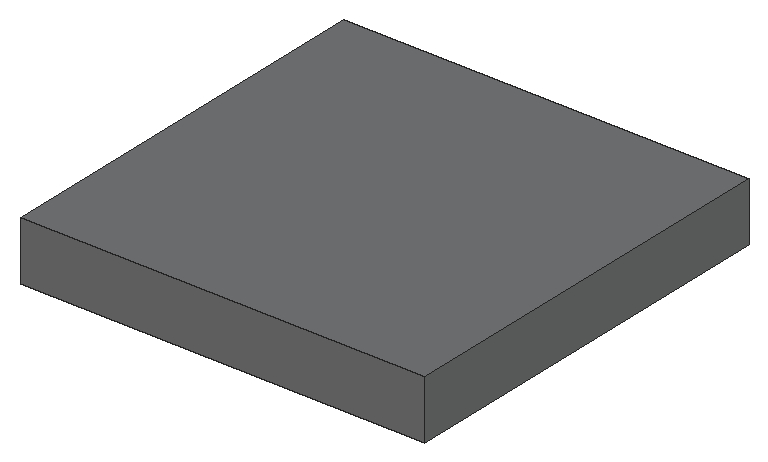
Revit family "Gira_027028", category Electrical Fixtures, host Face, Revit 2017
Family settings
  Host = Face
  Maintain Annotation Orientation = No
  Round Connector Dimension = Use Diameter
  Part Type = Normal
  Cut with Voids When Loaded = No
  Shared = No
  Room Calculation Point = No
Parameters (values of type "Cov. UAE/IAE + network System 55 anthra.")
  With strain relief = "No"
  With imprint = "No"
  With hinged lid = "No"
  With dust cover = "No"
  Utilization = "UAE/IAE (ISDN)"
  URL = "http://katalog.gira.de/en/datenblatt.html?artikelnr=027028"
  Type of fastening = "Mounting with screw"
  Transparent = "No"
  Surface protection = "Other"
  Surface finishing = "Not applicable"
  Support ring = "No"
  Suitable for degree of protection (IP) = "IP20"
  Name = "Cov. UAE/IAE + network System 55 anthra."
  Mounting method = "Flush mounted (plaster)"
  Material quality = "Thermoplastic"
  Material = "Plastic"
  Manufacturer URL = "https://www.gira.de/"
  Manufacturer = "Gira"
  Luster terminal = "No"
  Keynote = ""
  Imprintable label = "Without indication field"
  HeinzeBIM = "https://bimportal.heinze.de/bim/cov-uae-iae-network-system-55-anthra-/c516e296553922eca6f7850688fa3846e453e28b"
  Halogen free = "Yes"
  HAN = "027028"
  GTIN = "4010337270287"
  Description = "Cov.UAE IAE network Sys55 AN,Cover for UAE IAE (ISDN) and network connection box,,anthracite,Features:,- Cover plate can be broken out.,,Notes :,- Suitable for UAE IAE (ISDN) connection boxes."
  Default Elevation = 1219.2 mm
  Data sheet (1) = "https://katalog.gira.de/en/download.html?artikelnr=027028"
  Colour = "Anthracite"
  Category = "Insert/cover for communication technology"
  BIM (1) = "https://media.stage.bim.site/public/gira/36a6b08/Sys55_Abdeckung_Schalten und Tasten.rfa?public/gira/36a6b08/Sys55_Abdeckung_Schalten und Tasten.rfa"
  Available = "No"
  Assembly arrangement = "Central cover plate"
  Anthrazit [instance] = Anthrazit
Reference planes
  plane 1 "Center (Front/Back)": y = 0
  plane 2: z = 0
  plane 3 "Center (Left/Right)": x = 0
Forms (mm)
  Extrusion 1, solid, material "Anthrazit" <- "Anthrazit", detail levels fine
    sketch origin (0, 0, 0) x (1, 0, 0) y (0, 1, 0)
      loop
        line (-27.5, 27.5) -> (-27.5, -27.5) -> (27.5, -27.5) -> (27.5, 27.5) -> (-27.5, 27.5)
    from 0 to 8
  Extrusion 2, void
    sketch origin (0, 0, 0) x (1, 0, 0) y (0, 1, 0)
      loop
        line (26, 26) -> (-26, 26) -> (-26, -26) -> (26, -26) -> (26, 26)
    from 0 to 6
  Extrusion 3, solid, material "Anthrazit" <- "Anthrazit", detail levels medium
    sketch origin (0, 0, 0) x (1, 0, 0) y (0, 1, 0)
      loop
        line (-27.5, 27.5) -> (-27.5, -27.5) -> (27.5, -27.5) -> (27.5, 27.5) -> (-27.5, 27.5)
    from 0 to 8
  Extrusion 4, solid, material "Anthrazit" <- "Anthrazit", detail levels medium
    sketch origin (0, 0, 0) x (1, 0, 0) y (0, 1, 0)
      loop
        line (11, -17.5) -> (11, 17.5) -> (-11, 17.5) -> (-11, -17.5) -> (11, -17.5)
    from -6 to 6
  Extrusion 5, solid, material "Anthrazit" <- "Anthrazit", detail levels fine
    sketch origin (0, 0, 0) x (1, 0, 0) y (0, 1, 0)
      loop
        line (11, 17.5) -> (-11, 17.5) -> (-11, 16.5) -> (11, 16.5) -> (11, 17.5)
      loop
        line (-11, -16.5) -> (-11, -17.5) -> (11, -17.5) -> (11, -16.5) -> (-11, -16.5)
    from -4 to 6
  Extrusion 6, solid, material "Anthrazit" <- "Anthrazit", detail levels fine
    sketch origin (0, 0, 0) x (1, 0, 0) y (0, 1, 0)
      loop
        arc (5, 9.347) -> (0, 10.6) -> (-5, 9.347) r 10.6
        line (-5, 9.347) -> (-5, -9.347)
        arc (-5, -9.347) -> (0, -10.6) -> (5, -9.347) r 10.6
        line (5, -9.347) -> (5, 9.347)
    from -6 to 6
  Extrusion 7, solid, material "Anthrazit" <- "Anthrazit", detail levels coarse
    sketch origin (0, 0, 0) x (1, 0, 0) y (0, 1, 0)
      loop
        line (-27.5, 27.5) -> (-27.5, -27.5) -> (27.5, -27.5) -> (27.5, 27.5) -> (-27.5, 27.5)
    from -6 to 8
Cuts and joins
  Extrusion 2 cuts Extrusion 1
Dimensions and locks
  aligned and locked: plane 2 to host face
  aligned and locked: level to host face
